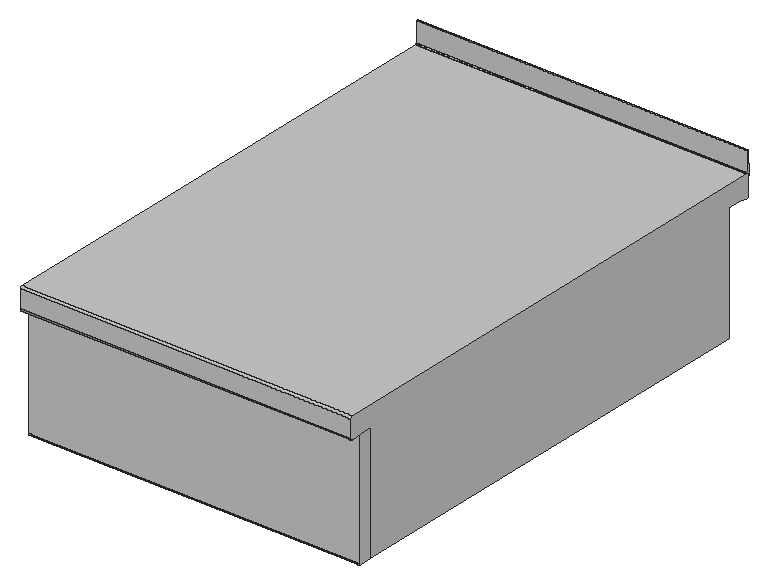
Revit family "QF_ELECTROLUXPROFESSIONAL_589161_MCNABBFOOO", category Specialty Equipment, Revit 2018
Family settings
  Round Connector Dimension = Use Diameter
  Part Type = Normal
  Work Plane-Based = No
  Always vertical = Yes
  Cut with Voids When Loaded = No
  Shared = No
  Room Calculation Point = No
Parameters
  Weight in Pounds = 55.11
  URL Cutsheet = "www.electrolux.com/professional"
  URL = "www.electrolux.com/professional"
  Type Mark [instance] = ""
  Status [instance] = ""
  Specification by User [instance] = ""
  Specification by Manufacturer = ""
  Serial Number = ""
  Seismic Rating = ""
  SMACNA No = ""
  Revision Code [instance] = ""
  Omniclass Number and Title = ""
  NAFEM Spec ID Number = ""
  Model = "589161"
  Masterspec = ""
  Manufacturer = "ELECTROLUX"
  Item Number [instance] = ""
  Installed By [instance] = ""
  Identify Quantity as Lot [instance] = yes
  Furnished By [instance] = ""
  Foodservice Equipment Identifier [instance] = yes
  Direct Waste Size = 0"
  Description = "WORK TOP,CLOSED,1-S,BACKSPL,600X900X250H"
  CSI MasterFormat = ""
  CSI Master Format = ""
Reference planes
  plane 1 "BACK": y = 0
  plane 2: z = 0
  plane 3 "LEFT": x = 0
  plane 4 "RIGHT": x = 600
  plane 5 "FRONT": y = -900
  plane 6 "TOP": z = 250
  plane 7 "Center Y": x = 300
  plane 8 "Center X": y = -450
  plane 9: z = 288
Forms (mm)
  Extrusion 1, solid, material "QF_Finishes_Stainless Steel"
    sketch origin (0, 50.048, 0) x (0, 1, 0) y (0, 0, 1)
      loop
        line (-95.048, 213) -> (-71.412, 213) -> (-54.743, 210.061)
        arc (-54.743, 210.061) -> (-51.477, 210.936) -> (-50.048, 214) r 4
        line (-50.048, 214) -> (-50.048, 246)
        arc (-50.048, 246) -> (-51.22, 248.828) -> (-54.048, 250) r 4
        line (-54.048, 250) -> (-946.048, 250)
        arc (-946.048, 250) -> (-948.877, 248.828) -> (-950.048, 246) r 4
        line (-950.048, 246) -> (-950.048, 214)
        arc (-950.048, 214) -> (-948.619, 210.936) -> (-945.353, 210.061) r 4
        line (-945.353, 210.061) -> (-928.509, 213) -> (-905.048, 213) -> (-905.048, 0) -> (-95.048, 0) -> (-95.048, 213)
    from 0 to 600
  Extrusion 2, solid, material "QF_Finishes_Stainless Steel"
    sketch origin (0, 50.048, 0) x (0, 1, 0) y (0, 0, 1)
      loop
        arc (-928.048, 213) -> (-929.462, 212.414) -> (-930.048, 211) r 2
        line (-930.048, 211) -> (-930.048, 2)
        arc (-930.048, 2) -> (-929.462, 0.586) -> (-928.048, 0) r 2
        line (-928.048, 0) -> (-905.048, 0) -> (-905.048, 213) -> (-928.048, 213)
    from 0 to 600
  Extrusion 3, solid, material "QF_Finishes_Stainless Steel"
    sketch origin (0, -950.048, 0) x (0, -1, 0) y (0, 0, -1)
      loop
        arc (-948.097, -252.006) -> (-947.511, -250.592) -> (-946.097, -250.006) r 2
        arc (-946.097, -250.006) -> (-948.877, -248.828) -> (-950.048, -246) r 4
        line (-950.048, -246) -> (-950.048, -288.006) -> (-948.097, -288.006) -> (-948.097, -252.006)
    from 0 to 600
Lines and regions (mm)
  symbolic lines
    curve 1: line (0, 0, 0) -> (600, 0, 0)
    curve 2: line (0, -900, 0) -> (0, 0, 0)
    curve 3: line (600, -900, 0) -> (0, -900, 0)
    curve 4: line (600, 0, 0) -> (600, -900, 0)
    curve 5: line (0, -1.951, 0) -> (600, -1.951, 0)
Dimensions and locks
  equal spacing: plane 3 "LEFT", plane 7 "Center Y", plane 4 "RIGHT"
  plane 3 "LEFT" to plane 4 "RIGHT" = 600.00 mm
  equal spacing: plane 5 "FRONT", plane 8 "Center X", plane 1 "BACK"
  plane 5 "FRONT" to plane 1 "BACK" = 900.00 mm
  plane 6 "TOP" to level = 250.00 mm
  plane 9 to level = 288.00 mm
  plane 9 to plane 6 "TOP" = 38.00 mm
  aligned and locked: level to plane 2
  aligned and locked: Extrusion 1 to plane 4 "RIGHT"
  aligned and locked: Extrusion 2 to plane 4 "RIGHT"
  aligned and locked: Extrusion 3 to plane 4 "RIGHT"
Automatic sketch dimensions
  Extrusion 1 sketch curve to plane 5 "FRONT" = 0.00 mm
  Extrusion 1 sketch curve to plane 6 "TOP" = 0.00 mm
  Extrusion 1 sketch curve to level = 0.00 mm
  Extrusion 1 sketch curve to plane 1 "BACK" = 0.00 mm
  Extrusion 1 sketch curve to plane 5 "FRONT" = 4.695 mm
  Extrusion 1 sketch curve to plane 6 "TOP" = 39.939 mm
  Extrusion 1 sketch curve to plane 5 "FRONT" = 4.00 mm  (x2)
  Extrusion 1 sketch curve to Extrusion 1 sketch curve = 16.844 mm
  Extrusion 1 sketch curve to plane 5 "FRONT" = 45.00 mm
  plane 1 "BACK" to Extrusion 1 sketch curve = 45.00 mm
  plane 1 "BACK" to Extrusion 1 sketch curve = 21.364 mm
  plane 1 "BACK" to Extrusion 1 sketch curve = 4.00 mm
  plane 1 "BACK" to Extrusion 1 sketch curve = 4.695 mm
  Extrusion 1 sketch curve to Extrusion 1 sketch curve = 0.00 mm  (x2)
  Extrusion 1 sketch curve to Extrusion 1 sketch curve = 4.00 mm
  Extrusion 1 sketch curve to plane 6 "TOP" = 37.00 mm  (x2)
  Extrusion 1 sketch curve to Extrusion 1 sketch curve = 1.00 mm
  Extrusion 2 sketch curve to level = 0.00 mm
  Extrusion 2 sketch curve to plane 5 "FRONT" = 20.00 mm
  level to Extrusion 2 sketch curve = 2.00 mm
  Extrusion 2 sketch curve to Extrusion 2 sketch curve = 2.00 mm
  Extrusion 2 sketch curve to Extrusion 2 sketch curve = 23.00 mm
  Extrusion 2 sketch curve to plane 6 "TOP" = 39.00 mm
  Extrusion 3 sketch curve to plane 1 "BACK" = 0.00 mm  (x2)
  Extrusion 3 sketch curve to plane 6 "TOP" = 2.006 mm
  Extrusion 3 sketch curve to plane 6 "TOP" = 0.00 mm
  Extrusion 3 sketch curve to plane 9 = 0.006 mm
  Extrusion 3 sketch curve to Extrusion 3 sketch curve = 1.951 mm
  Extrusion 3 sketch curve to Extrusion 3 sketch curve = 2.00 mm
  Extrusion 3 sketch curve to Extrusion 3 sketch curve = 0.049 mm
  Extrusion 3 sketch curve to Extrusion 3 sketch curve = 0.00 mm
  plane 1 "BACK" to curve 1 = 0.00 mm
  curve 1 to plane 3 "LEFT" = 0.00 mm
  curve 1 to plane 4 "RIGHT" = 0.00 mm
  plane 5 "FRONT" to curve 4 = 0.00 mm
  curve 5 to curve 1 = 1.951 mm
